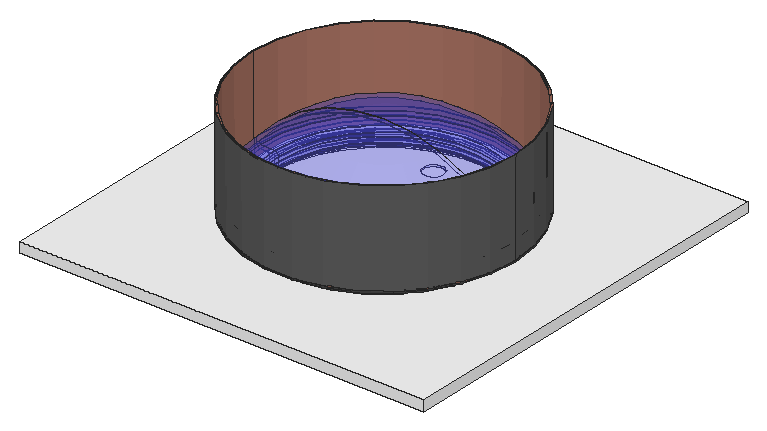
Revit family "BE_51012.6_de_DE", category Leuchten, Revit 2020
Family settings
  Basisbauteil = Fläche
  Bemaßung runder Anschluss = Durchmesser verwenden
  Teiletyp = Normal
  Beim Laden mit Abzugskörper schneiden = Ja
  Lichtquelle = Ja
  Gemeinsam genutzt = Nein
  Raumberechnungspunkt = Ja
Parameters (values of type "BEGA_51012.6_K3")
  built-in parameter 1150104 = 13.816 (stored number, unit not read)
  Wattage = 11.6 W
  Default Elevation = 0 mm
  built-in parameter 1150113 = 1 (stored number, unit not read)
  built-in parameter 1114218 = 1 (stored number, unit not read)
  Umgebungstemperatur = "25 °C"
  URL = "https://www.bega.com/de/produkt/51012.6"
  Typenkommentare = "© 2022 BEGA. Wir behalten uns das Recht vor, technische Änderungen ohne vorherige Ankündigung vorzunehmen."  # constant formula
  built-in parameter 1150134 = (empty or 0)
  built-in parameter 1150109 = 1 (stored number, unit not read)
  Strom = ""
  built-in parameter 1150110 = 1 (stored number, unit not read)
  Spannung = 239.996 V
  Sonderanfertigung = no
  Seriennummer [instance] = "Hier können Sie die eindeutige Seriennummer für das Facility Management eintragen."
  Schutzklasse = "I"
  Schutzart = "IP 20"
  Scheinlast = 0 VA
  Produktdatenblatt = "https://cdn.bega.com/bega/products/51012.6K3/current/documents/data-sheets/de"
  Oberflächentemperatur = ""
  Neigungswinkel = 0.00°
  Modell = "51012.6K3"
  Material_35 = BEGA_Oberfläche_Samtschwarz_matt
  Material_34 = BEGA_Oberfläche_Samtweiss_matt
  Material_29 = BEGA_Oberfläche_Kupfer_matt
  Material_14 = BEGA_Kunststoff_opal
  M_W = no
  M_G = no
  M_A = no
  Logo = 0
  built-in parameter 1114217 = 1 (stored number, unit not read)
  built-in parameter 1150139 = (empty or 0)
  built-in parameter 1150105 = 137.27 (stored number, unit not read)
  built-in parameter 1150114 = 1 (stored number, unit not read)
  Lumens = 1725.04 lm
  built-in parameter 1150115 = 1 (stored number, unit not read)
  Leuchtenlichtstrom = "934 lm"
  Leuchtenanzahl = ""
  Lebensdauerkriterien = "L70B50 @ 25 °C = 131000 h"
  Lastklassifizierung = Beleuchtung
  built-in parameter 1150112 = 1 (stored number, unit not read)
  Lampenlichtstrom = "1725 lm"
  Lampe = "LED 11.6 W"
  LED_Modulbezeichnung = "LED-0509/930"
  Hersteller = "BEGA"  # constant formula
  Halbstreuwinkel = ""
  Gewicht = "1.55 kg"
  Gebrauchslageneinschränkung [instance] = ""
  Frequenz = "50-60 Hz"
  Farbwiedergabeindex = "CRI > 90"
  Farbtemperaturverschiebung bei Dämpfen der Lampe = <Keine Auswahl>
  Farbtemperatur = "3000 K"
  Color Filter = 16777215
  built-in parameter 1150133 = 10 (stored number, unit not read)
  Energieeffizienzklasse = "LED A++ - A"
  built-in parameter 1150137 = (empty or 0)
  built-in parameter 1150132 = (empty or 0)
  ENEC = "ja"
  Dimmbar [instance] = "on/off"
  Datei für fotometrisches Netz = "BE_51012.6K3.IES"
  CE_Konformität = "ja"
  Bestellnummer = "51012.6K3"
  Beschreibung_Sonderanfertigung = "Hier können Sie Informationen zur Sonderanfertigung eintragen."
  Beschreibung = "Deckenleuchte"
  built-in parameter 1150106 = 1.3727 (stored number, unit not read)
  Befestigungsbohrung = "Ø 5,5 mm"
  Befestigungsabstand = "180 mm"
  Ballwurfsicher = ""
  BEGA_Intern_aus = yes
  BEGA_Intern_an = yes
  BEGA_Intern_Konstruktion = yes
  BEGA_Intern = yes
  BEGA_IES = yes
  BEGA_Dummy = no
  Anschlussleitung = ""
  Anschlussleistung [instance] = "15.5 W"
  Anschlusskasten = ""
  built-in parameter 1150107 = 3000 (stored number, unit not read)
  built-in parameter 1150102 = (empty or 0)
  built-in parameter 1150138 = (empty or 0)
  Aktualisierung = "2022-12-14T04:00:03"
  Abstand_zur_angestrahlten_Fläche [instance] = ""
  AC/DC = "AC"
Reference planes
  plane 1 "Mitte (Vorne/Hinten)": y = 0
  plane 2: z = 0
  plane 3 "Mitte (Links/Rechts)": x = 0
  plane 4 "Links": x = -130.816
  plane 5 "Rechts": x = 130.988
  plane 6 "Unten": y = -130.896
  plane 7 "Oben": y = 130.91
  plane 8 "Vorne": z = 104.998
  plane 9 "Hinten": z = 0
Forms (mm)
  Extrusion 1, solid, material "BEGA_Platte_Weiss"
    sketch origin (0, -1119.2, 0) x (1, 0, 0) y (0, 1, 0)
      loop
        line (-200, 1319.2) -> (-200, 919.2) -> (200, 919.2) -> (200, 1319.2) -> (-200, 1319.2)
    from 0 to -10
  Extrusion 2, solid, material "BEGA_Dummy_matt", visible <- "BEGA_Dummy"
    sketch origin (77.149, -76.023, 0) x (1, 0, 0) y (0, 1, 0)
      loop
        circle (-77.149, 76.023) r 130.825
    from 0 to 104.998
Dimensions and locks
  plane 1 "Mitte (Vorne/Hinten)" to Extrusion 1 = 200 mm
  aligned and locked: Extrusion 1 to plane 2
  aligned and locked: Extrusion 1 to level
Nested families
  nested 1: "BE_51012.6_Leuchte" at (0, 0, 0), type "BE_51012.6_Leuchte"
Connectors
  electrical at (0, 0, 0), driven by "Lastklassifizierung", driven by "Spannung", driven by "Scheinlast"
    settings: index 1, voltage 239.996 V, apparent load 0 VA, apparent load phase1 0 VA, apparent load phase2 0 VA, apparent load phase3 0 VA, power factor 1, load classification "Beleuchtung", number of poles 1, system type 31, power factor state 1, is connector primary yes, connector utility no, sub classification motor no, connector description ""
Definition of nested family "BE_51012.6_Leuchte"
  Parameters (values of type "BE_51012.6_Leuchte")
    Default Elevation = 1 mm
    URL = "http://www.bega.de/de/produkt"
    Type Comments = "© 2015 BEGA. Wir behalten uns das Recht vor, technische Änderungen ohne vorherige Ankündigung vorzunehmen. "  # constant formula
    Type Image = (empty or 0)
    Material_35 = none
    Material_34 = none
    Material_29 = none
    Material_14 = none
    Länge_Platte = 200 mm  # constant formula
    Höhe_Platte = -10 mm  # constant formula
    Manufacturer = "BEGA"  # constant formula
    Breite_Platte = 200 mm  # constant formula
  Reference planes
    plane 1 "Mitte (Oben/Unten)": y = 0
    plane 2: z = 0
    plane 3 "Mitte (Links/Rechts)": x = 0
    plane 4: y = 130.91
    plane 5: x = 130.988
    plane 6: y = -130.896
    plane 7: x = -130.816
    plane 8: z = 104.998
    plane 9: z = 0
  Forms (mm)
    Extrusion 1, solid, detail levels medium
      sketch origin (0, 0, 0) x (1, 0, 0) y (0, 1, 0)
        loop
          line (-100, 100) -> (-100, -100) -> (100, -100) -> (100, 100) -> (-100, 100)
      from 0 to -10 <- "Höhe_Platte"
    Revolve 2, solid, material <- "Material_34"
      sketch origin (0, 0, 0) x (1, 0, 0) y (0, 0, 1)
        loop
          line (115.329, 20) -> (117.5, 20) -> (117.5, 21) -> (115.331, 21)
          arc (115.331, 21) -> (114.063, 20.484) -> (113.524, 19.225) r 1.8
          line (113.524, 19.225) -> (113.276, 4.974)
          arc (113.276, 4.974) -> (112.826, 3.93) -> (111.774, 3.5) r 1.5
          line (111.774, 3.5) -> (0, 3.5) -> (0, 2.5) -> (111.777, 2.5)
          arc (111.777, 2.5) -> (113.501, 3.19) -> (114.274, 4.878) r 2.5
          line (114.274, 4.878) -> (114.524, 19.21)
          arc (114.524, 19.21) -> (114.764, 19.771) -> (115.329, 20) r 0.8
        axis (0, 2.5) -> (0, 21)
      angle from 0 to 360
    Extrusion 3, void
      sketch origin (0, 0, 0) x (1, 0, 0) y (0, 1, 0)
        loop
          circle (-15.69, 81.009) r 10
        loop
          circle (15, 80) r 10
        loop
          circle (-90, 0) r 2.75
        loop
          circle (90, 0) r 2.75
      from 0 to 4.878
    Revolve 4, solid, material <- "Material_14"
      sketch origin (0, 0, 0) x (1, 0, 0) y (0, 0, 1)
        loop
          arc (0, 87.2) -> (67.014, 72.201) -> (121.239, 30.065) r 157.2
          arc (121.239, 30.065) -> (122.17, 27.888) -> (121.777, 25.553) r 4.2
          line (121.777, 25.553) -> (107.481, 24.804)
          arc (107.481, 24.804) -> (104.796, 23.561) -> (103.7, 20.813) r 4
          line (103.7, 20.813) -> (103.7, 17) -> (103.7, 11.774)
          arc (103.7, 11.774) -> (104.098, 10.28) -> (105.186, 9.182) r 3.003
          line (105.186, 9.182) -> (107.458, 7.87)
          arc (107.458, 7.87) -> (108.492, 6.868) -> (108.941, 5.5) r 3.003
          line (108.941, 5.5) -> (112.75, 5.5) -> (112.75, 8.743)
          arc (112.75, 8.743) -> (112.644, 9.141) -> (112.354, 9.434) r 0.801
          line (112.354, 9.434) -> (108, 11.947)
          arc (108, 11.947) -> (107.634, 12.314) -> (107.5, 12.814) r 1.001
          line (107.5, 12.814) -> (107.5, 17) -> (107.5, 20.051)
          arc (107.5, 20.051) -> (107.774, 20.739) -> (108.446, 21.05) r 1
          line (108.446, 21.05) -> (121.856, 21.752)
          arc (121.856, 21.752) -> (123.904, 22.445) -> (125.293, 24.103) r 4
          arc (125.293, 24.103) -> (125.93, 28.446) -> (124.179, 32.472) r 8
          arc (124.179, 32.472) -> (68.64, 75.635) -> (0, 91) r 161
          line (0, 91) -> (0, 87.2)
        axis (0, 5.5) -> (0, 91)
      angle from 0 to 360
    Revolve 5, solid, material <- "Material_35"
      sketch origin (0, 0, 0) x (1, 0, 0) y (0, 0, 1)
        loop
          line (130.498, 11.487) -> (130.825, 104.995) -> (129.825, 104.998) -> (129.498, 11.491)
          arc (129.498, 11.491) -> (129.203, 10.79) -> (128.5, 10.5) r 0.998
          line (128.5, 10.5) -> (116.927, 10.5)
          arc (116.927, 10.5) -> (116.003, 10.122) -> (115.609, 9.205) r 1.318
          line (115.609, 9.205) -> (115.5, 2.974)
          arc (115.5, 2.974) -> (114.899, 1.576) -> (113.491, 1) r 2.009
          line (113.491, 1) -> (110.5, 1) -> (110.5, 0) -> (113.491, 0)
          arc (113.491, 0) -> (115.6, 0.863) -> (116.5, 2.956) r 3.009
          line (116.5, 2.956) -> (116.614, 9.5) -> (128.5, 9.5)
          arc (128.5, 9.5) -> (129.909, 10.081) -> (130.498, 11.487) r 1.998
        axis (0, 0) -> (0, 104.998)
      angle from 0 to 360
    Revolve 6, solid, material <- "Material_29"
      sketch origin (0, 0, 0) x (1, 0, 0) y (0, 0, 1)
        loop
          line (110.5, 2.5) -> (110.5, 1) -> (113.491, 1)
          arc (113.491, 1) -> (114.899, 1.576) -> (115.5, 2.974) r 2.009
          line (115.5, 2.974) -> (115.606, 9.033)
          arc (115.606, 9.033) -> (115.987, 9.999) -> (116.905, 10.487) r 1.5
          line (116.905, 10.487) -> (128.998, 10.487)
          arc (128.998, 10.487) -> (129.725, 11.09) -> (130, 11.995) r 1.645
          line (130, 11.995) -> (130.325, 104.995) -> (129.325, 104.995) -> (128.998, 11.487) -> (116.846, 11.487)
          arc (116.846, 11.487) -> (115.266, 10.693) -> (114.606, 9.052) r 2.5
          line (114.606, 9.052) -> (114.491, 2.5) -> (110.5, 2.5)
        axis (0, 1) -> (0, 104.995)
      angle from 0 to 360
  Cuts and joins
    Extrusion 3 cuts Revolve 2
  Dimensions and locks
    equal spacing: Extrusion 1 sketch curve, plane 3 "Mitte (Links/Rechts)", Extrusion 1 sketch curve
    equal spacing: Extrusion 1 sketch curve, plane 1 "Mitte (Oben/Unten)", Extrusion 1 sketch curve
    "Länge_Platte": Extrusion 1 sketch curve to Extrusion 1 sketch curve
    "Breite_Platte": Extrusion 1 sketch curve to Extrusion 1 sketch curve
    plane 1 "Mitte (Oben/Unten)" to Extrusion 1 = 100 mm  (x3)
    aligned and locked: plane 2 to Extrusion 1
    aligned and locked: level to Extrusion 1
  Automatic sketch dimensions
    Extrusion 3 sketch curve to plane 3 "Mitte (Links/Rechts)" = 15.69 mm
    plane 3 "Mitte (Links/Rechts)" to Extrusion 3 sketch curve = 15 mm
    Extrusion 3 sketch curve to plane 1 "Mitte (Oben/Unten)" = 80 mm
    Extrusion 3 sketch curve to Extrusion 3 sketch curve = 1.009 mm
    Revolve 2 sketch curve to Revolve 2 sketch curve = 0 mm  (x5)
    Revolve 2 sketch curve to plane 3 "Mitte (Links/Rechts)" = 0 mm  (x2)
    Revolve 2 sketch curve to Revolve 2 sketch curve = 0.003 mm  (x2)
    level to Revolve 2 sketch curve = 19.225 mm
    Revolve 2 sketch curve to Revolve 2 sketch curve = 1.747 mm
    level to Revolve 2 sketch curve = 19.21 mm
    Revolve 2 sketch curve to Revolve 2 sketch curve = 1 mm  (x2)
    Revolve 2 sketch curve to Revolve 2 sketch curve = 0.8 mm
    Revolve 2 sketch curve to Revolve 2 sketch curve = 0.004 mm
    Revolve 2 sketch curve to Revolve 2 sketch curve = 0.002 mm  (x2)
    Revolve 2 sketch curve to Revolve 2 sketch curve = 2.169 mm
    level to Revolve 2 sketch curve = 2.5 mm
    Revolve 2 sketch curve to Revolve 2 sketch curve = 1.5 mm
    Revolve 2 sketch curve to Revolve 2 sketch curve = 0.01 mm
    Revolve 2 sketch curve to Revolve 2 sketch curve = 1.497 mm
    level to Revolve 2 sketch curve = 4.974 mm
    Revolve 2 sketch curve to Revolve 2 sketch curve = 0.998 mm
    Revolve 2 sketch curve to level = 609.6 mm
    Revolve 2 sketch curve to Revolve 2 sketch curve = 2588.058 mm
    plane 3 "Mitte (Links/Rechts)" to Revolve 2 sketch curve = 111.777 mm
    level to Revolve 2 sketch curve = 5 mm
    Revolve 2 sketch curve to Revolve 2 sketch curve = 0.096 mm
    Revolve 4 sketch curve to plane 3 "Mitte (Links/Rechts)" = 0 mm  (x3)
    plane 3 "Mitte (Links/Rechts)" to Revolve 4 sketch curve = 0 mm
    level to Revolve 4 sketch curve = 27.391 mm
    plane 3 "Mitte (Links/Rechts)" to Revolve 4 sketch curve = 118 mm
    Revolve 4 sketch curve to level = 70 mm
    Revolve 4 sketch curve to Revolve 4 sketch curve = 0 mm  (x15)
    level to Revolve 4 sketch curve = 87.2 mm
    Revolve 4 sketch curve to Revolve 4 sketch curve = 3.239 mm
    Revolve 4 sketch curve to Revolve 4 sketch curve = 2.94 mm
    Revolve 4 sketch curve to Revolve 4 sketch curve = 4.054 mm
    Revolve 4 sketch curve to Revolve 4 sketch curve = 5.962 mm
    Revolve 4 sketch curve to Revolve 4 sketch curve = 539.6 mm
    Revolve 4 sketch curve to Revolve 4 sketch curve = 2518.058 mm
    Revolve 4 sketch curve to Revolve 4 sketch curve = 3.647 mm
    level to Revolve 4 sketch curve = 25.553 mm
    Revolve 4 sketch curve to Revolve 4 sketch curve = 0.13 mm
    Revolve 4 sketch curve to Revolve 4 sketch curve = 0.193 mm
    level to Revolve 4 sketch curve = 24.804 mm
    Revolve 4 sketch curve to Revolve 4 sketch curve = 10.519 mm
    level to Revolve 4 sketch curve = 21.05 mm
    Revolve 4 sketch curve to Revolve 4 sketch curve = 0.965 mm
    Revolve 4 sketch curve to Revolve 4 sketch curve = 0.079 mm
    level to Revolve 4 sketch curve = 21.752 mm
    Revolve 4 sketch curve to Revolve 4 sketch curve = 0.746 mm
    Revolve 4 sketch curve to Revolve 4 sketch curve = 0.239 mm
    Revolve 4 sketch curve to Revolve 4 sketch curve = 0.003 mm
    Revolve 4 sketch curve to Revolve 4 sketch curve = 3.813 mm
    Revolve 4 sketch curve to Revolve 4 sketch curve = 0.054 mm
    Revolve 4 sketch curve to Revolve 4 sketch curve = 0.759 mm
    Revolve 4 sketch curve to Revolve 4 sketch curve = 3.051 mm
    level to Revolve 4 sketch curve = 11.774 mm
    Revolve 4 sketch curve to Revolve 4 sketch curve = 3.8 mm
    level to Revolve 4 sketch curve = 17 mm
    Revolve 4 sketch curve to Revolve 4 sketch curve = 1.04 mm
    Revolve 4 sketch curve to Revolve 4 sketch curve = 1.001 mm
    Revolve 4 sketch curve to Revolve 4 sketch curve = 3.448 mm
    Revolve 4 sketch curve to Revolve 4 sketch curve = 0.405 mm
    Revolve 4 sketch curve to Revolve 4 sketch curve = 0.691 mm
    level to Revolve 4 sketch curve = 11.947 mm
    Revolve 4 sketch curve to Revolve 4 sketch curve = 0.5 mm
    Revolve 4 sketch curve to Revolve 4 sketch curve = 0.396 mm
    level to Revolve 4 sketch curve = 9.182 mm
    Revolve 4 sketch curve to Revolve 4 sketch curve = 1.486 mm
    Revolve 4 sketch curve to Revolve 4 sketch curve = 1.298 mm
    Revolve 4 sketch curve to Revolve 4 sketch curve = 0.174 mm
    level to Revolve 4 sketch curve = 7.87 mm
    Revolve 4 sketch curve to Revolve 4 sketch curve = 2.272 mm
    Revolve 4 sketch curve to Revolve 4 sketch curve = 3.243 mm
    Revolve 4 sketch curve to Revolve 4 sketch curve = 1.511 mm
    Revolve 4 sketch curve to Revolve 4 sketch curve = 2.595 mm
    Revolve 4 sketch curve to Revolve 4 sketch curve = 1.483 mm
    Revolve 5 sketch curve to Revolve 5 sketch curve = 0 mm  (x10)
    Revolve 5 sketch curve to plane 3 "Mitte (Links/Rechts)" = 0 mm
    Revolve 5 sketch curve to level = 0 mm
    level to Revolve 5 sketch curve = 1 mm
    plane 3 "Mitte (Links/Rechts)" to Revolve 5 sketch curve = 110.5 mm
    Revolve 5 sketch curve to Revolve 5 sketch curve = 2.991 mm
    level to Revolve 5 sketch curve = 2.974 mm
    Revolve 5 sketch curve to Revolve 5 sketch curve = 2.009 mm
    level to Revolve 5 sketch curve = 9.205 mm
    Revolve 5 sketch curve to Revolve 5 sketch curve = 0.109 mm
    level to Revolve 5 sketch curve = 2.956 mm
    Revolve 5 sketch curve to Revolve 5 sketch curve = 1 mm  (x3)
    level to Revolve 5 sketch curve = 9.5 mm
    Revolve 5 sketch curve to Revolve 5 sketch curve = 1.005 mm
    Revolve 5 sketch curve to Revolve 5 sketch curve = 0.313 mm
    Revolve 5 sketch curve to Revolve 5 sketch curve = 11.573 mm
    level to Revolve 5 sketch curve = 11.491 mm
    Revolve 5 sketch curve to Revolve 5 sketch curve = 0.998 mm
    Revolve 5 sketch curve to Revolve 5 sketch curve = 0.326 mm
    level to Revolve 5 sketch curve = 11.487 mm
    Revolve 5 sketch curve to Revolve 5 sketch curve = 0.035 mm
    Revolve 5 sketch curve to Revolve 5 sketch curve = 0.318 mm
    Revolve 5 sketch curve to Revolve 5 sketch curve = 0.007 mm
    Revolve 5 sketch curve to Revolve 5 sketch curve = 93.508 mm
    Revolve 5 sketch curve to Revolve 5 sketch curve = 0.003 mm
    Revolve 5 sketch curve to level = 609.6 mm
    Revolve 5 sketch curve to Revolve 5 sketch curve = 2504.06 mm
    Revolve 6 sketch curve to Revolve 6 sketch curve = 0 mm  (x4)
    Revolve 6 sketch curve to plane 3 "Mitte (Links/Rechts)" = 0 mm
    level to Revolve 6 sketch curve = 2.5 mm
    plane 3 "Mitte (Links/Rechts)" to Revolve 6 sketch curve = 110.5 mm
    Revolve 6 sketch curve to Revolve 6 sketch curve = 2.991 mm
    Revolve 6 sketch curve to Revolve 6 sketch curve = 1 mm  (x3)
    level to Revolve 6 sketch curve = 9.052 mm
    Revolve 6 sketch curve to Revolve 6 sketch curve = 1.115 mm
    level to Revolve 6 sketch curve = 9.033 mm
    Revolve 6 sketch curve to Revolve 6 sketch curve = 1.24 mm
    Revolve 6 sketch curve to Revolve 6 sketch curve = 0.059 mm
    Revolve 6 sketch curve to Revolve 6 sketch curve = 0.201 mm
    Revolve 6 sketch curve to Revolve 6 sketch curve = 11.509 mm
    Revolve 6 sketch curve to Revolve 6 sketch curve = 0.97 mm
    level to Revolve 6 sketch curve = 1 mm
    Revolve 6 sketch curve to Revolve 6 sketch curve = 0.509 mm
    Revolve 6 sketch curve to Revolve 6 sketch curve = 0.033 mm
    Revolve 6 sketch curve to Revolve 6 sketch curve = 92.994 mm
    Revolve 6 sketch curve to Revolve 6 sketch curve = 1.008 mm
    level to Revolve 6 sketch curve = 2.974 mm
    Revolve 6 sketch curve to Revolve 6 sketch curve = 1.002 mm
    Revolve 6 sketch curve to level = 609.6 mm
    Revolve 6 sketch curve to Revolve 6 sketch curve = 2504.063 mm
    Revolve 6 sketch curve to Revolve 6 sketch curve = 0.643 mm
    Revolve 6 sketch curve to Revolve 6 sketch curve = 0.508 mm
    radius of Extrusion 3 sketch curve = 10 mm  (x2)
